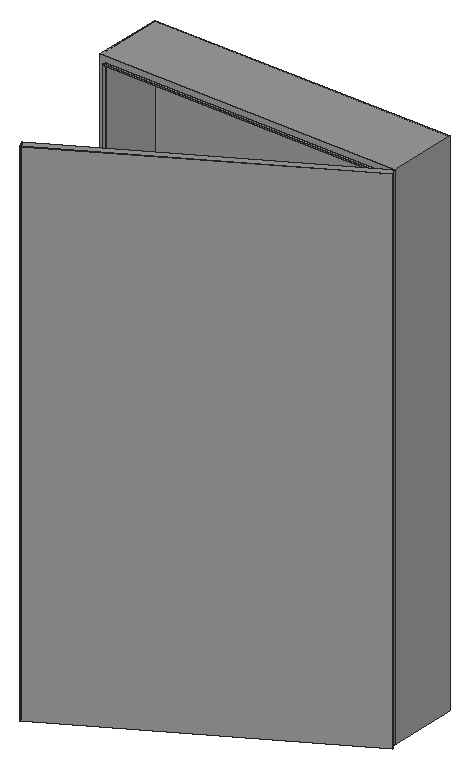
Revit family "Hager-Univers-IP54-D205-H1400-Cl.II-Encl-NoHosted-AT-de", category Equipement électrique, Revit 2020
Family settings
  Configuration du panneau = Deux colonnes, circuits au sein
  Cote de connecteur circulaire = Utiliser le diamètre
  Type d'élément = Tableau de raccordement
  Basée sur le plan de construction = Oui
  Toujours verticalement = Oui
  Couper avec des vides une fois chargée = Non
  Partagée = Non
  Point de calcul de pièce = Non
Parameters (values of type "Aufputz IP54 B800 H1400 T205  - FP93SW2")
  Width Control [instance] = if([EF000008 - Breite] > Min Width, [EF000008 - Breite], Min Width)  # 800 mm
  Commentaires du type = [HG000003 - Bereich]  # "Univers"
  Thickness Door [instance] = if([EF009171 - Materialstärke Tür/Deckel] > 3 mm, 3 mm, [EF009171 - Materialstärke Tür/Deckel])  # 1 mm
  Seal Frame Offset [instance] = 17 mm  # constant formula
  Plinth Visibility [instance] = [HG000027 - Sockelhöhe] > 0 mm  # no
  Min Width [instance] = 100 mm  # constant formula
  Min Depth [instance] = (2 * [EF009170 - Materialstärke Gehäuse]) + 1 mm  # 3 mm
  Min Height [instance] = 100 mm  # constant formula
  Internal Frame Depth [instance] = (Door System Depth * 0.5)  # 9 mm
  Panel Name [instance] = ""  # (empty or 0)
  Model = ""
  HG000027 - Sockelhöhe = 0 mm
  HG000026 - Stehend auf dem Boden = no
  HG000024 - Höhe des unteren Teils = 600 mm
  HG000023 - Gehäuse mit doppeltem Querschnitt = no
  HG000016 - 3D-Türsichtbarkeit [instance] = yes
  HG000015 - Sichtbarkeit der Türöffnung [instance] = no
  HG000014 - Tür rechts [instance] = yes
  HG000013 - Tür links [instance] = not([HG000014 - Tür rechts])  # no
  HG000012 - Türschwenkwinkel [instance] = 30.00°
  HG000010 - Asymmetrische Türen = no
  HG000009 - Doppelflügeligen Tür = no
  HG000006 - Unterputz = no
  HG000004 - Herstellerreferenz = "FP93SW2"
  HG000003 - Bereich = "Univers"
  HG000002 - Mit tür = yes
  Frame Offset Bottom [instance] = 10 mm  # constant formula
  Frame Offset [instance] = 15 mm  # constant formula
  EF015940 - Deckel mit Überdruckentlastung = no
  EF011959 - Schutzart (NEMA) = ""
  EF009554 - Anzahl der Öffnungen für Flanschplatten = 6
  EF009212 - Ausführung Deckel = "EV000116 - geschlossen"
  EF009171 - Materialstärke Tür/Deckel = 1 mm
  EF009170 - Materialstärke Gehäuse = 1 mm
  EF008873 - Nennstrom (In) = 250 A
  EF007800 - Geeignet für Blitzschutz = no
  EF006306 - Mit Schloss = no
  EF006244 - Transparenter Deckel/Tür = no
  EF005474 - Schutzart (IP) = "EV006419 - IP54"
  EF004464 - Art der Tür = "EV002646 - Einzel"
  EF004427 - Anzahl der Module = 324
  EF004293 - Schlagfestigkeit = "EV006815 - IK09"
  EF003532 - Geeignet für Außengebrauch = no
  EF002950 - Breite in Teilungseinheiten = 36
  EF001613 - Funktionserhalt = "EV000494 - ohne"
  EF001596 - Werkstoff des Gehäuses = "EV000179 - Stahl"
  EF001131 - Innentiefe = 130 mm
  EF001088 - Anbaumöglichkeit = yes
  EF000437 - Anzahl der Leitungseinführungen = 6
  EF000339 - Art der Abdeckung = "EV004216 - Tür"
  EF000266 - Anzahl der Reihen = 9
  EF000218 - Einbautiefe = 205 mm
  EF000118 - Mit Montageplatte = no
  EF000116 - RAL-Nummer = "9010"
  EF000049 - Tiefe = 205 mm
  EF000040 - Höhe = 1400 mm
  EF000008 - Breite = 800 mm
  EF000007 - Farbe = "EV000202 - weiß"
  EF000003 - Montageart = "EV000384 - Aufputz"
  Door System Leaf Tolerance [instance] = 1.5 mm  # constant formula
  Door System Depth [instance] = 18 mm  # constant formula
  Door Height [instance] = Height Control - [HG000027 - Sockelhöhe]  # 1400 mm
  Description = ""
  Default Elevation = 1219.2 mm
  Connector Offset [instance] = Height Control / 2  # 700 mm
  Fabricant = "Hager"  # constant formula
  Height Control [instance] = if([EF000040 - Höhe] > Min Height, [EF000040 - Höhe], Min Height)  # 1400 mm
  Depth Control [instance] = if([EF000049 - Tiefe] > Min Depth, [EF000049 - Tiefe], Min Depth)  # 205 mm
  Bottom Top Plate Trim [instance] = 1.5 mm  # constant formula
  Plinth height Ctrl [instance] = if([HG000027 - Sockelhöhe] > 0 mm, [HG000027 - Sockelhöhe], 12 mm)  # 12 mm
Types (5, lengths in mm): name | Width Control | HG000010 - Asymmetrische Türen | HG000009 - Doppelflügeligen Tür | HG000004 - Herstellerreferenz | EF009554 - Anzahl der Öffnungen für Flanschplatten | EF004464 - Art der Tür | EF004427 - Anzahl der Module | EF002950 - Breite in Teilungseinheiten | EF000437 - Anzahl der Leitungseinführungen | EF000008 - Breite
  Aufputz IP54 B1050 H1400 T205  - FP94SW2 | 1050 | no | yes | "FP94SW2" | 8 | "EV003602 - Doppel" | 432 | 48 | 8 | 1050
  Aufputz IP54 B1300 H1400 T205  - FP95SW2 | 1300 | yes | yes | "FP95SW2" | 10 | "EV003602 - Doppel" | 540 | 60 | 10 | 1300
  Aufputz IP54 B300 H1400 T205  - FP91SW2 | 300 | no | no | "FP91SW2" | 2 | "EV002646 - Einzel" | 108 | 12 | 2 | 300
  Aufputz IP54 B550 H1400 T205  - FP92SW2 | 550 | no | no | "FP92SW2" | 4 | "EV002646 - Einzel" | 216 | 24 | 4 | 550
  Aufputz IP54 B800 H1400 T205  - FP93SW2 | 800 | no | no | "FP93SW2" | 6 | "EV002646 - Einzel" | 324 | 36 | 6 | 800
Reference planes
  plane 1 "Center (Front/Back)": y = 0
  plane 2: z = 0
  plane 3 "Center (Left/Right)": x = 0
  plane 4: y = 0
  plane 5: y = 0
  plane 6: z = 0
  plane 7: x = -400
  plane 8: x = 400
  plane 9: x = 399
  plane 10: x = -399
  plane 11: z = 0
  plane 12: z = 1
  plane 13: y = -205
  plane 14: y = -1
  plane 15: x = 0
  plane 16: y = -187
  plane 17: y = -204
  plane 18: y = -186
  plane 19: x = -384
  plane 20: x = 384
  plane 21: z = 11
  plane 22: x = -383
  plane 23: x = 383
  plane 24: z = 0
  plane 25: z = 1400
  plane 26: z = 1400
  plane 27: z = 1384
  plane 28: z = 1399
Forms (mm)
  Extrusion 1, solid, material "Hager_Steel_RAL7035_Light_Grey", detail levels medium+fine
    sketch origin (-208.679, -4572, 0) x (-1, 0, 0) y (0, -1, 0)
      loop
        line (191.321, -4385) -> (-608.679, -4385) -> (-608.679, -4572) -> (191.321, -4572) -> (191.321, -4385)
    from 0 to 1400
  Extrusion 2, void
    sketch origin (-350.771, -205, 1219.2) x (1, 0, 0) y (0, 0, 1)
      loop
        line (-48.229, 179.8) -> (-48.229, -1218.2) -> (749.771, -1218.2) -> (749.771, 179.8) -> (-48.229, 179.8)
    from -19 to -204
  Extrusion 3, void
    sketch origin (-290.084, -187, 1219.2) x (1, 0, 0) y (0, 0, 1)
      loop
        line (-93.916, -1208.2) -> (674.084, -1208.2) -> (674.084, 164.8) -> (-93.916, 164.8) -> (-93.916, -1208.2)
    from 0 to -1
  Extrusion 4, solid, material "Hager_Steel_RAL7035_Light_Grey", visible <- "Plinth Visibility", detail levels medium+fine
    sketch origin (0, 0, 0) x (1, 0, 0) y (0, 1, 0)
      loop
        line (-400, 0) -> (-400, -187) -> (400, -187) -> (400, 0) -> (-400, 0)
    from 0 to 12 <- "Plinth height Ctrl"
  Extrusion 5, solid, material "Hager_Steel_RAL7035_Light_Grey", detail levels coarse
    sketch origin (0, 0, 0) x (1, 0, 0) y (0, 1, 0)
      loop
        line (-400, 0) -> (-400, -205) -> (400, -205) -> (400, 0) -> (-400, 0)
    from 0 to 1400 <- "Height Control"
  Sweep 6, void
    path in 3D
      loop
        line (-400, -187, 12) -> (400, -187, 12) -> (400, 0, 12) -> (-400, 0, 12) -> (-400, -187, 12)
    profile origin (-400, -93.5, 12) x (1, 0, 0) y (0, 0, 1)
      loop
        line (0, 0) -> (0, -1.5) -> (1.5, -1.5)
        arc (1.5, -1.5) -> (1.061, -0.439) -> (0, 0) r 1.5
  Extrusion 7, solid, material "Hager_Steel_RAL7035_Light_Grey", detail levels fine
    sketch origin (-400, -187, 0) x (1, 0, 0) y (0, 0, 1)
      loop
        line (16, 11) -> (784, 11) -> (784, 1384) -> (16, 1384) -> (16, 11)
      loop
        line (15, 10) -> (785, 10) -> (785, 1385) -> (15, 1385) -> (15, 10)
    from 0 to 9 <- "Internal Frame Depth"
Cuts and joins
  Extrusion 2, Extrusion 3 cuts Extrusion 1
  Sweep 6 cuts Extrusion 4
Lines and regions (mm)
  Masking region 1
    outline origin (0, 0, 0) x (1, 0, 0) y (0, 1, 0)
      loop
        line (-400, 0) -> (-400, -205) -> (400, -205) -> (400, 0) -> (-400, 0)
  Masking region 2, detail levels coarse
    outline origin (-290.084, -187, 1219.2) x (-1, 0, 0) y (0, 0, 1)
      loop
        line (-690.084, -1219.2) -> (109.916, -1219.2) -> (109.916, 180.8) -> (-690.084, 180.8) -> (-690.084, -1219.2)
  Masking region 3, detail levels coarse
    outline origin (0, 0, 0) x (0, 1, 0) y (0, 0, 1)
      loop
        line (0, 0) -> (0, 1400) -> (-205, 1400) -> (-205, 0) -> (0, 0)
  Masking region 4, visible <- "Plinth Visibility", detail levels medium+fine
    outline origin (0, 0, 0) x (0, 1, 0) y (0, 0, 1)
      loop
        line (-1.5, 12) -> (-185.5, 12)
        arc (-185.5, 12) -> (-185.939, 10.939) -> (-187, 10.5) r 1.5
        line (-187, 10.5) -> (-187, 0) -> (0, 0) -> (0, 10.5)
        arc (0, 10.5) -> (-1.061, 10.939) -> (-1.5, 12) r 1.5
  Masking region 5, detail levels medium+fine
    outline origin (0, 0, 594.038) x (0, 1, 0) y (0, 0, 1)
      loop
        line (0, -594.038) -> (0, 805.962) -> (-187, 805.962) -> (-187, -594.038) -> (0, -594.038)
  Masking region 6, detail levels medium+fine
    outline origin (-359.7, -187, 1211.883) x (-1, 0, 0) y (0, 0, 1)
      loop
        line (-759.7, -1211.883) -> (40.3, -1211.883) -> (40.3, 188.117) -> (-759.7, 188.117) -> (-759.7, -1211.883)
  Masking region 7, visible <- "Plinth Visibility", detail levels medium+fine
    outline origin (-320.334, -187, 1041.368) x (-1, 0, 0) y (0, 0, 1)
      loop
        line (-720.334, -1041.368) -> (79.666, -1041.368) -> (79.666, -1030.868)
        arc (79.666, -1030.868) -> (78.606, -1030.429) -> (78.166, -1029.368) r 1.5
        line (78.166, -1029.368) -> (-718.834, -1029.368)
        arc (-718.834, -1029.368) -> (-719.273, -1030.429) -> (-720.334, -1030.868) r 1.5
        line (-720.334, -1030.868) -> (-720.334, -1041.368)
  sketch lines
    curve 1: line (-400, 0, 12) -> (-400, -187, 12)
    curve 2: line (-400, -187, 12) -> (400, -187, 12)
    curve 3: line (400, 0, 12) -> (-400, 0, 12)
    curve 4: line (400, -187, 12) -> (400, 0, 12)
Dimensions and locks
  locked: plane 1 "Center (Front/Back)" to plane 5
  "EF009170 - Materialstärke Gehäuse": plane 7 to plane 10
  "EF009170 - Materialstärke Gehäuse": plane 8 to plane 9
  equal spacing: plane 7, plane 3 "Center (Left/Right)", plane 8
  "Width Control": plane 7 to plane 8
  "Depth Control": plane 4 to plane 13
  "EF009170 - Materialstärke Gehäuse": plane 4 to plane 14
  "Height Control": plane 25 to level
  "HG000027 - Sockelhöhe": plane 11 to level
  "EF009170 - Materialstärke Gehäuse": plane 12 to plane 11
  "EF009170 - Materialstärke Gehäuse": plane 17 to plane 13
  "EF009170 - Materialstärke Gehäuse": plane 18 to plane 16
  "Frame Offset Bottom": plane 21 to plane 12
  "Frame Offset": plane 10 to plane 19
  "Frame Offset": plane 9 to plane 20
  "Door System Depth": plane 16 to plane 13
  "Seal Frame Offset": plane 7 to plane 22
  "Seal Frame Offset": plane 8 to plane 23
  "EF009170 - Materialstärke Gehäuse": plane 26 to plane 28
  "Frame Offset": plane 28 to plane 27
  "Connector Offset": plane 2 to connector elem
  "Bottom Top Plate Trim": profile plane to Sweep 6 sketch curve
  "Bottom Top Plate Trim": Sweep 6 sketch curve to Sweep 6 sketch curve
  "Plinth height Ctrl": Masking region 4 sketch curve to level
  "Plinth height Ctrl": Masking region 7 sketch curve to level
  "Thickness Door": Extrusion 7 sketch curve to Extrusion 7 sketch curve  (x4)
  "Bottom Top Plate Trim": radius of Sweep 6 sketch curve
  "Bottom Top Plate Trim": radius of Masking region 4 sketch curve  (x2)
  "Bottom Top Plate Trim": radius of Masking region 7 sketch curve  (x2)
  aligned and locked: Extrusion 2 sketch curve to plane 12
  aligned and locked: Extrusion 2 sketch curve to plane 9
  aligned and locked: Extrusion 2 sketch curve to plane 10
  aligned and locked: Extrusion 2 to plane 14
  aligned and locked: Extrusion 1 sketch curve to plane 4
  aligned and locked: plane 8 to Extrusion 1 sketch curve
  aligned and locked: plane 7 to Extrusion 1 sketch curve
  aligned and locked: Extrusion 2 to plane 18
  aligned and locked: Extrusion 3 sketch curve to plane 19
  aligned and locked: plane 20 to Extrusion 3 sketch curve
  aligned and locked: Extrusion 3 to Extrusion 2
  aligned and locked: Extrusion 3 sketch curve to plane 21
  aligned and locked: plane 3 "Center (Left/Right)" to nested 1
  aligned and locked: Extrusion 1 sketch curve to plane 16
  aligned and locked: Extrusion 4 sketch curve to cut or joined group of Extrusion 1, Extrusion 2, Extrusion 3
  aligned and locked: Masking region 1 sketch curve to plane 7
  aligned and locked: Masking region 1 sketch curve to plane 5
  aligned and locked: Masking region 1 sketch curve to plane 8
  aligned and locked: Masking region 2 sketch curve to level
  aligned and locked: level to Masking region 3 sketch curve
  aligned and locked: plane 1 "Center (Front/Back)" to Masking region 3 sketch curve
  aligned and locked: plane 13 to Masking region 3 sketch curve
  aligned and locked: plane 5 to Masking region 4 sketch curve
  aligned and locked: Masking region 2 sketch curve to plane 8
  aligned and locked: Masking region 2 sketch curve to plane 7
  aligned and locked: plane 7 to nested 2
  aligned and locked: nested 2 to plane 5
  aligned and locked: plane 5 to Masking region 5 sketch curve
  aligned and locked: plane 26 to Masking region 5 sketch curve
  aligned and locked: Extrusion 5 sketch curve to plane 8
  aligned and locked: Extrusion 5 sketch curve to plane 7
  aligned and locked: Extrusion 5 sketch curve to plane 5
  aligned and locked: Extrusion 3 sketch curve to plane 27
  aligned and locked: Extrusion 2 sketch curve to plane 28
  aligned and locked: Masking region 2 to plane 25
  aligned and locked: Extrusion 4 to plane 16
  aligned and locked: profile plane to Sweep 6 sketch curve
  aligned and locked: Masking region 5 sketch curve to plane 24
  aligned and locked: level to Masking region 4 sketch curve
  aligned and locked: Masking region 1 to plane 13
  aligned and locked: nested 1 to plane 16
  aligned and locked: Masking region 3 to plane 25
  aligned and locked: plane 16 to Masking region 4 sketch curve
  aligned and locked: Masking region 5 sketch curve to plane 16
  aligned and locked: plane 24 to plane 11
  aligned and locked: plane 26 to plane 25
  aligned and locked: plane 26 to cut or joined group of Extrusion 1, Extrusion 2, Extrusion 3
  aligned and locked: nested 1 to plane 24
  aligned and locked: Extrusion 1 to Extrusion 3
  aligned and locked: Masking region 6 sketch curve to plane 8
  aligned and locked: Masking region 6 sketch curve to plane 24
  aligned and locked: Masking region 6 sketch curve to plane 7
  aligned and locked: Masking region 6 sketch curve to plane 26
  aligned and locked: Masking region 7 sketch curve to plane 7
  aligned and locked: level to Masking region 7 sketch curve
  aligned and locked: Masking region 7 sketch curve to plane 8
  aligned and locked: Extrusion 7 sketch curve to cut or joined group of Extrusion 1, Extrusion 2, Extrusion 3  (x4)
Automatic sketch dimensions
  plane 19 to Extrusion 3 sketch curve = 0 mm
  Extrusion 3 sketch curve to plane 20 = 0 mm
  Extrusion 3 sketch curve to plane 21 = 0 mm
  Extrusion 4 sketch curve to plane 7 = 0 mm
  Extrusion 4 sketch curve to plane 8 = 0 mm
  Extrusion 4 sketch curve to plane 16 = 0 mm
  Masking region 1 sketch curve to plane 13 = 0 mm
  Masking region 2 sketch curve to plane 25 = 0 mm
  Masking region 3 sketch curve to plane 25 = 0 mm
  Extrusion 5 sketch curve to plane 13 = 0 mm
  profile plane to Sweep 6 sketch curve = 0 mm
Nested families
  nested 1: "EC000058_Univers_Door" at (0, -187, 0), Double <- "HG000009 - Doppelflügeligen Tür", Transparent <- "EF006244 - Transparenter Deckel/Tür", Angle <- "HG000012 - Türschwenkwinkel", Door_Right <- "HG000014 - Tür rechts", Assymetrical <- "HG000010 - Asymmetrische Türen", Door <- "HG000002 - Mit tür", Width_Ctrl <- "Width Control", 3d_Door <- "HG000016 - 3D-Türsichtbarkeit", Clearance <- "HG000015 - Sichtbarkeit der Türöffnung", Door_Left <- "HG000013 - Tür links", Width <- "Width Control", Door_Depth <- "Door System Depth", Leaf_Tolerance <- "Door System Leaf Tolerance", Height <- "Door Height", Lock_Visibility <- "EF006306 - Mit Schloss", Thickness <- "Thickness Door", type "EC000058_Univers_Door", detail levels medium+fine
    with min_wh 3 mm, Width_Ctrl 800 mm, Width 800 mm, Transparent no, Thickness 1 mm, Seal_Material Hager_Rubber, Lock_Visibility no, Lock_Material Hager_Plastic_RAL9005_Jet_Black, Leaf_Width 800 mm, Leaf_Tolerance_External_Sides 0 mm, Leaf_Tolerance 1.5 mm, Leaf_Offset 0 mm, Leaf_Height 1397 mm, Leaf_2_Width 800 mm, Leaf_2_Offset 400 mm, Leaf_1_Width 800 mm, Leaf_1_Offset 400 mm, Height_Ctrl 1400 mm, Height 1400 mm, Glass_Material Hager_Glass, Double_Clearance_Ctrl no, Double no, Door_Right_Ctrl yes, Door_Right yes, Door_Material Hager_Steel_RAL7035_Light_Grey, Door_Left_Ctrl no, Door_Left no, Door_Depth 18 mm, Door yes, Clearance_Material Hager_Clearance, Clearance_Depth 800 mm, Clearance_Ctrl no, Clearance no, Assymetrical no, Angle 30.00°, 3d_Door yes
  nested 2: "Hager_Enclosure_Symbol" at (-400, 0, 0), Height <- "Depth Control", Width <- "Width Control", type "Hager_Enclosure_Symbol"
    with Width_Ctrl 800 mm, Width 800 mm, Height_Ctrl 205 mm, Height 205 mm, A_Width_Int 13.453 mm, A_Width 161.438 mm, A_Height_Ctrl 179.375 mm, A_Height 179.375 mm
Connectors
  electrical at (0, 0, 700)
    settings: on plane 1 "Center (Front/Back)", index 1, voltage 0 V, apparent load 0 VA, apparent load phase1 0 VA, apparent load phase2 0 VA, apparent load phase3 0 VA, power factor 1, load classification "Other", number of poles 1, system type 30, power factor state 1, is connector primary yes, connector utility no, sub classification motor no, connector description ""
Definition of nested family "EC000058_Univers_Door"
  Parameters (values of type "EC000058_Univers_Door")
    min_wh [instance] = (2 * Thickness) + 1 mm  # 11 mm
    Width_Ctrl [instance] = 400 mm
    Width [instance] = 500 mm
    Transparent [instance] = yes
    Thickness [instance] = 5 mm
    Seal_Material [instance] = none
    Lock_Visibility [instance] = yes
    Lock_Material [instance] = none
    Leaf_Width [instance] = if((Width_Ctrl - 2 * Leaf_Tolerance_External_Sides) > 0 mm, (Width_Ctrl - 2 * Leaf_Tolerance_External_Sides), min_wh)  # 400 mm
    Leaf_Tolerance_External_Sides [instance] = 0 mm  # constant formula
    Leaf_Tolerance [instance] = 1.5 mm
    Leaf_Offset [instance] = 0 mm  # constant formula
    Leaf_Height [instance] = if((Height_Ctrl - 2 * Leaf_Tolerance) > 0 mm, (Height_Ctrl - 2 * Leaf_Tolerance), min_wh)  # 497 mm
    Leaf_2_Width [instance] = if(and(and(Double, Assymetrical), Door_Left), (Leaf_Width / 3) - (Leaf_Tolerance / 2), if(and(and(Double, Assymetrical), Door_Right), (Leaf_Width / 3) * 2 - (Leaf_Tolerance / 2), if(and(Double, not(Assymetrical)), (Leaf_Width / 2) - Leaf_Tolerance, Leaf_Width)))  # 400 mm
    Leaf_2_Offset [instance] = if(and(Double, Assymetrical), Leaf_2_Width / 2, if(and(Double, not(Assymetrical)), Leaf_Width / 4, Leaf_Width / 2))  # 200 mm
    Leaf_1_Width [instance] = if(and(and(Double, Assymetrical), Door_Right), (Leaf_Width / 3) - (Leaf_Tolerance / 2), if(and(and(Double, Assymetrical), Door_Left), (Width / 3) * 2 - (Leaf_Tolerance / 2), if(and(Double, not(Assymetrical)), (Leaf_Width / 2) - Leaf_Tolerance, Leaf_Width)))  # 400 mm
    Leaf_1_Offset [instance] = if(and(Double, Assymetrical), Leaf_1_Width / 2, if(and(Double, not(Assymetrical)), Leaf_Width / 4, Leaf_Width / 2))  # 200 mm
    Height_Ctrl [instance] = if(Height > min_wh, Height, min_wh)  # 500 mm
    Height [instance] = 500 mm
    Glass_Material [instance] = none
    Double_Clearance_Ctrl [instance] = and(Double, Clearance)  # no
    Double [instance] = no
    Door_Right_Ctrl [instance] = and(or(Door_Right, Double), Door)  # yes
    Door_Right [instance] = yes
    Door_Material [instance] = none
    Door_Left_Ctrl [instance] = and(or(Door_Left, Double), Door)  # no
    Door_Left [instance] = no
    Door_Depth [instance] = 30 mm
    Door [instance] = yes
    Default Elevation = 1219.2 mm
    Clearance_Material [instance] = none
    Clearance_Depth [instance] = if(Leaf_1_Width > Leaf_2_Width, Leaf_1_Width, Leaf_2_Width)  # 400 mm
    Clearance_Ctrl [instance] = and(not(Double), Clearance)  # yes
    Clearance [instance] = yes
    Assymetrical [instance] = yes
    Angle [instance] = 30.00°
    3d_Door [instance] = yes
  Reference planes
    plane 1 "Center (Front/Back)": y = 0
    plane 2 "Bottom": z = 0
    plane 3 "Center (Left/Right)": x = 0
    plane 4: z = 500
    plane 5: x = -200
    plane 6: x = 200
    plane 7: z = 500
    plane 8: x = -200
    plane 9: z = 0
    plane 10: x = 200
    plane 11: y = 0
    plane 12: z = 1.5
    plane 13: x = -600
    plane 14: y = -400
    plane 15: x = 600
    plane 16: x = 0
    plane 17: x = 0
    plane 18: x = -200
    plane 19: x = 200
    plane 20: z = 498.5
  Forms (mm)
    Extrusion 1, solid, material <- "Clearance_Material", visible <- "Double_Clearance_Ctrl"
      sketch origin (1200, 0, 0) x (1, 0, 0) y (0, 0, -1)
        loop
          line (-1800, -498.5) -> (-600, -498.5) -> (-600, 0) -> (-1800, 0) -> (-1800, -498.5)
      from 0 to -400
  Dimensions and locks
    equal spacing: plane 5, plane 3 "Center (Left/Right)", plane 6
    "Width_Ctrl": plane 5 to plane 6
    "Leaf_Offset": plane 5 to plane 8
    "Leaf_Offset": plane 6 to plane 10
    "Leaf_Offset": plane 9 to level
    "Leaf_Offset": plane 4 to plane 7
    "Height_Ctrl": plane 4 to level
    "Leaf_Tolerance": plane 12 to plane 9
    locked: plane 11 to plane 1 "Center (Front/Back)"
    "Leaf_1_Offset": plane 18 to plane 16
    "Leaf_2_Offset": plane 17 to plane 19
    "Leaf_1_Width": plane 13 to plane 8
    "Leaf_2_Width": plane 10 to plane 15
    "Clearance_Depth": plane 14 to plane 1 "Center (Front/Back)"
    "Leaf_Tolerance_External_Sides": plane 8 to plane 18
    "Leaf_Tolerance_External_Sides": plane 19 to plane 10
    "Leaf_Tolerance": plane 7 to plane 20
    aligned and locked: level to plane 2 "Bottom"
    aligned and locked: nested 1 to plane 16
    aligned and locked: nested 2 to plane 17
    aligned and locked: Extrusion 1 to plane 13
    aligned and locked: plane 15 to Extrusion 1
    aligned and locked: Extrusion 1 to plane 14
    aligned and locked: plane 12 to nested 1
    aligned and locked: nested 2 to plane 12
    aligned and locked: Extrusion 1 to plane 11
    aligned and locked: plane 20 to Extrusion 1
    aligned and locked: nested 2 to plane 11
    aligned and locked: nested 1 to plane 11
  Automatic sketch dimensions
    Extrusion 1 sketch curve to level = 0 mm
    plane 5 to Extrusion 1 sketch curve = 400 mm
    plane 6 to Extrusion 1 sketch curve = 400 mm
    Extrusion 1 sketch curve to plane 4 = 1.5 mm
  Nested families
    nested 1: "EC000058_Univers_Door_Leaf" at (0, 0, 1.5), Width <- "Leaf_1_Width", visible <- "Door_Left_Ctrl", Leaf_Height <- "Leaf_Height", Angle <- "Angle", 3d_Door <- "3d_Door", Transparent <- "Transparent", Clearance Material <- "Clearance_Material", Clearance <- "Clearance_Ctrl", Door_Material <- "Door_Material", Glass_Material <- "Glass_Material", Door_Depth <- "Door_Depth", Lock_Material <- "Lock_Material", Seal_Material <- "Seal_Material", Lock_Visibility <- "Lock_Visibility", Thickness <- "Thickness", type "EC000058_Univers_Door_Leaf"
      with Width 400 mm, Transparent_Glass_Offset 30 mm, Transparent_Ctrl yes, Transparent yes, Thickness 5 mm, Standard no, Seal_Material none, Seal_D2 8 mm, Seal_D1 1 mm, Offset_Internal_Frame 10 mm, Lock_Width 20 mm, Lock_Visibility_3d yes, Lock_Visibility yes, Lock_Thickness_3 3 mm, Lock_Thickness_2 1 mm, Lock_Thickness_1 3 mm, Lock_Radius_Offset_2 16 mm, Lock_Radius_Offset_1 15 mm, Lock_Radius_2 5 mm, Lock_Radius 6 mm, Lock_Offset 5 mm, Lock_Material none, Lock_Height 80 mm, Lock_Cover_Top_Offset_2d 17 mm, Lock_Cover_Height -65 mm, Leaf_Height 497 mm, Internal_Seal_Thickness 8 mm, Internal_Seal_Depth_2 4.5 mm, Internal_Frame_Depth 25 mm, Glass_Thickness -1 mm, Glass_Offset -2 mm, Glass_Material none, Door_Material none, Door_Depth 30 mm, Clearance Material none, Clearance yes, Angle_Ctrl 30.00°, Angle 30.00°, 3d_Door yes
    nested 2: "EC000058_Univers_Door_Leaf" at (0, 0, 1.5) x (-1, 0, 0) z (0, 0, 1), Width <- "Leaf_2_Width", visible <- "Door_Right_Ctrl", Leaf_Height <- "Leaf_Height", Angle <- "Angle", 3d_Door <- "3d_Door", Transparent <- "Transparent", Clearance Material <- "Clearance_Material", Clearance <- "Clearance_Ctrl", Door_Material <- "Door_Material", Glass_Material <- "Glass_Material", Door_Depth <- "Door_Depth", Lock_Material <- "Lock_Material", Seal_Material <- "Seal_Material", Lock_Visibility <- "Lock_Visibility", Thickness <- "Thickness", type "EC000058_Univers_Door_Leaf"
      with Width 400 mm, Transparent_Glass_Offset 30 mm, Transparent_Ctrl yes, Transparent yes, Thickness 5 mm, Standard no, Seal_Material none, Seal_D2 8 mm, Seal_D1 1 mm, Offset_Internal_Frame 10 mm, Lock_Width 20 mm, Lock_Visibility_3d yes, Lock_Visibility yes, Lock_Thickness_3 3 mm, Lock_Thickness_2 1 mm, Lock_Thickness_1 3 mm, Lock_Radius_Offset_2 16 mm, Lock_Radius_Offset_1 15 mm, Lock_Radius_2 5 mm, Lock_Radius 6 mm, Lock_Offset 5 mm, Lock_Material none, Lock_Height 80 mm, Lock_Cover_Top_Offset_2d 17 mm, Lock_Cover_Height -65 mm, Leaf_Height 497 mm, Internal_Seal_Thickness 8 mm, Internal_Seal_Depth_2 4.5 mm, Internal_Frame_Depth 25 mm, Glass_Thickness -1 mm, Glass_Offset -2 mm, Glass_Material none, Door_Material none, Door_Depth 30 mm, Clearance Material none, Clearance yes, Angle_Ctrl 30.00°, Angle 30.00°, 3d_Door yes
  Definition of nested family "EC000058_Univers_Door_Leaf"
    Parameters (values of type "EC000058_Univers_Door_Leaf")
      Width [instance] = 2000 mm
      Transparent_Glass_Offset [instance] = 30 mm
      Transparent_Ctrl [instance] = and(Transparent, [3d_Door])  # yes
      Transparent [instance] = yes
      Thickness [instance] = 5 mm
      Standard [instance] = and(not(Transparent), [3d_Door])  # no
      Seal_Material [instance] = none
      Seal_D2 [instance] = 8 mm  # constant formula
      Seal_D1 [instance] = 1 mm  # constant formula
      Offset_Internal_Frame [instance] = 10 mm  # constant formula
      Lock_Width [instance] = 20 mm  # constant formula
      Lock_Visibility_3d [instance] = and(Lock_Visibility, [3d_Door])  # yes
      Lock_Visibility [instance] = yes
      Lock_Thickness_3 [instance] = 3 mm  # constant formula
      Lock_Thickness_2 [instance] = 1 mm  # constant formula
      Lock_Thickness_1 [instance] = 3 mm  # constant formula
      Lock_Radius_Offset_2 [instance] = Lock_Radius_Offset_1 + 1 mm  # 16 mm
      Lock_Radius_Offset_1 [instance] = 15 mm  # constant formula
      Lock_Radius_2 [instance] = Lock_Radius - 1 mm  # 5 mm
      Lock_Radius [instance] = 6 mm  # constant formula
      Lock_Offset [instance] = 5 mm  # constant formula
      Lock_Material [instance] = none
      Lock_Height [instance] = 80 mm  # constant formula
      Lock_Cover_Top_Offset_2d [instance] = Lock_Radius_Offset_2 + 1 mm  # 17 mm
      Lock_Cover_Height [instance] = -(Lock_Height - Lock_Radius_Offset_1)  # -65 mm
      Leaf_Height [instance] = 2720.336 mm
      Internal_Seal_Thickness [instance] = 8 mm  # constant formula
      Internal_Seal_Depth_2 [instance] = 4.5 mm  # constant formula
      Internal_Frame_Depth [instance] = if(Door_Depth - Thickness > 5 mm, Door_Depth - Thickness, 5 mm)  # 25 mm
      Glass_Thickness [instance] = if(Thickness > 15 mm, Glass_Offset + 10 mm, -1 mm)  # -1 mm
      Glass_Offset [instance] = if(Thickness > 15 mm, -(Thickness + 10 mm) / 2, -2 mm)  # -2 mm
      Glass_Material [instance] = none
      Door_Material [instance] = none
      Door_Depth [instance] = 30 mm
      Default Elevation = 0 mm
      Clearance Material [instance] = none
      Clearance [instance] = yes
      Angle_Ctrl [instance] = if(Angle > 180.00°, 180.00°, Angle)  # 90.00°
      Angle [instance] = 90.00°
      3d_Door [instance] = yes
    Reference planes
      plane 1 "Center (Front/Back)": y = 0
      plane 2: z = 0
      plane 3 "Center (Left/Right)": x = 0
      plane 4: y = 2000
      plane 5: x = -1000
      plane 6: x = 1000
      plane 7: x = -3000
      plane 8: z = 2720.336
      plane 9: z = 30
      plane 10: z = 2690.336
      plane 11: x = 970
      plane 12: x = -970
      plane 13: y = -3
      plane 14: z = 107.833
      plane 15: y = -5
      plane 16: y = -223.314
      plane 17: x = -1000
      plane 18: z = 1360.168
      plane 19: y = 30
    Forms (mm)
      Extrusion 1, solid, material <- "Clearance Material", visible <- "Clearance"
        sketch origin (0, 0, 0) x (1, 0, 0) y (0, 0, 1)
          loop
            line (-3000, 2720.336) -> (-3000, 0) -> (1000, 0) -> (1000, 2720.336) -> (-3000, 2720.336)
        from 0 to -2000
      Extrusion 2, solid, material <- "Door_Material", visible <- "Standard", detail levels medium+fine
        sketch origin (-1000, 0, 0) x (0, 1, 0) y (-1, 0, 0)
          loop
            line (0, 30) -> (0, 25) -> (2000, 25) -> (2000, 30) -> (0, 30)
        from 0 to 2720.336 <- "Leaf_Height"
      Extrusion 3, solid, material <- "Door_Material", visible <- "Transparent_Ctrl", detail levels medium+fine
        sketch origin (-1000, 0, 0) x (0, 1, 0) y (-1, 0, 0)
          loop
            line (0, 25) -> (2000, 25) -> (2000, 30) -> (0, 30) -> (0, 25)
        from 0 to 2720.336 <- "Leaf_Height"
      Extrusion 4, void
        sketch origin (-1025, 2000, 0) x (0, 1, 0) y (0, 0, -1)
          loop
            line (-30, -2690.336) -> (-30, -30) -> (-1970, -30) -> (-1970, -2690.336) -> (-30, -2690.336)
        from 0 to 5 <- "Thickness"
      Sweep 5, solid, material <- "Seal_Material", visible <- "Transparent_Ctrl", detail levels fine
        path in 3D
          loop
            line (-1025, 30, 30) -> (-1025, 30, 2690.336) -> (-1025, 1970, 2690.336) -> (-1025, 1970, 30) -> (-1025, 30, 30)
        profile origin (-1025, 1000, 30) x (1, 0, 0) y (0, 0, 1)
          loop
            line (0, 0) -> (0, -8) -> (1, -8) -> (1, 0) -> (0, 0)
      Extrusion 6, solid, material <- "Glass_Material", visible <- "Transparent_Ctrl", detail levels medium+fine
        sketch origin (-1030, 0, 0) x (0, 1, 0) y (0, 0, -1)
          loop
            line (1970, -2690.336) -> (1970, -30) -> (30, -30) -> (30, -2690.336) -> (1970, -2690.336)
        from -2 <- "Glass_Offset" to -1 <- "Glass_Thickness"
      Extrusion 7, solid, material <- "Door_Material", visible <- "3d_Door", detail levels medium+fine
        sketch origin (-1025, 2000, 0) x (0, -1, 0) y (0, 0, -1)
          loop
            line (0, -2720.336) -> (2000, -2720.336) -> (2000, 0) -> (0, 0) -> (0, -2720.336)
          loop
            line (1995, -5) -> (5, -5) -> (5, -2715.336) -> (1995, -2715.336) -> (1995, -5)
        from 0 to 25 <- "Internal_Frame_Depth"
      Sweep 8, solid, material <- "Seal_Material", visible <- "Transparent_Ctrl", detail levels fine
        path in 3D
          loop
            line (-1025, 0, 0) -> (-1025, 2000, 0) -> (-1025, 2000, 2720.336) -> (-1025, 0, 2720.336) -> (-1025, 0, 0)
        profile origin (-1025, 0, 1360.168) x (1, 0, 0) y (0, 1, 0)
          loop
            line (0, 10) -> (2.975, 10)
            arc (2.975, 10) -> (4.053, 10.447) -> (4.5, 11.525) r 1.525
            line (4.5, 11.525) -> (4.5, 16.527)
            arc (4.5, 16.527) -> (4.069, 17.569) -> (3.027, 18) r 1.473
            line (3.027, 18) -> (0, 18) -> (0, 10)
      Extrusion 9, solid, material <- "Lock_Material", visible <- "Lock_Visibility_3d", detail levels fine
        sketch origin (-1030, 0, 0) x (0, 1, 0) y (0, 0, -1)
          loop
            arc (1993.5, -1400.168) -> (1994.561, -1399.729) -> (1995, -1398.668) r 1.5
            line (1995, -1398.668) -> (1995, -1320.168) -> (1975, -1320.168) -> (1975, -1398.668)
            arc (1975, -1398.668) -> (1975.439, -1399.729) -> (1976.5, -1400.168) r 1.5
            line (1976.5, -1400.168) -> (1993.5, -1400.168)
        from 3 <- "Lock_Thickness_1" to 0
      Blend 10, solid, material <- "Lock_Material", visible <- "Lock_Visibility_3d", detail levels fine
        base sketch origin (-1033, 0, 0) x (0, 1, 0) y (0, 0, -1)
          loop
            line (1975, -1320.168) -> (1975, -1398.668)
            arc (1975, -1398.668) -> (1975.439, -1399.729) -> (1976.5, -1400.168) r 1.5
            line (1976.5, -1400.168) -> (1993.5, -1400.168)
            arc (1993.5, -1400.168) -> (1994.561, -1399.729) -> (1995, -1398.668) r 1.5
            line (1995, -1398.668) -> (1995, -1320.168) -> (1975, -1320.168)
        top sketch origin (-1033, 0, 0) x (0, 1, 0) y (0, 0, -1)
          loop
            line (1976, -1320.168) -> (1976, -1398.668)
            arc (1976, -1398.668) -> (1976.146, -1399.022) -> (1976.5, -1399.168) r 0.5
            line (1976.5, -1399.168) -> (1993.5, -1399.168)
            arc (1993.5, -1399.168) -> (1993.854, -1399.022) -> (1994, -1398.668) r 0.5
            line (1994, -1398.668) -> (1994, -1320.168) -> (1976, -1320.168)
        from 0 to 1 <- "Lock_Thickness_2"
      Blend 11, solid, material <- "Lock_Material", visible <- "Lock_Visibility_3d", detail levels fine
        base sketch origin (-1034, 0, 0) x (0, 1, 0) y (0, 0, -1)
          loop
            line (1978, -1320.168) -> (1978, -1384.168)
            arc (1978, -1384.168) -> (1985, -1391.168) -> (1992, -1384.168) r 7
            line (1992, -1384.168) -> (1992, -1320.168) -> (1978, -1320.168)
        top sketch origin (-1034, 0, 0) x (0, 1, 0) y (0, 0, -1)
          loop
            line (1991, -1320.168) -> (1979, -1320.168) -> (1979, -1383.168)
            arc (1979, -1383.168) -> (1985, -1389.168) -> (1991, -1383.168) r 6
            line (1991, -1383.168) -> (1991, -1320.168)
        from 0 to 3 <- "Lock_Thickness_3"
      Extrusion 12, solid, material <- "Lock_Material", visible <- "Lock_Visibility_3d", detail levels fine
        sketch origin (-1030, 1975, 1320.168) x (1, 0, 0) y (0, -1, 0)
          loop
            line (-7, -19) -> (-7, -1) -> (0, -1) -> (0, 0) -> (-8, 0) -> (-8, -20) -> (0, -20) -> (0, -19) -> (-7, -19)
        from 0 to -65 <- "Lock_Cover_Height"
      Extrusion 13, void
        sketch origin (-1038, 1995, 1320.168) x (-1, 0, 0) y (0, 0, -1)
          loop
            line (-5, -65) -> (0, -65) -> (-5, -60) -> (-5, -65)
        from 0 to 20 <- "Lock_Width"
      Extrusion 14, void
        sketch origin (-1038, 1975, 1320.168) x (0, -1, 0) y (0, 0, -1)
          loop
            circle (-10, -15.995) r 6
          loop
            circle (-10, -15.995) r 5
        from 0 to 2
      Extrusion 15, solid, material <- "Lock_Material", visible <- "Lock_Visibility_3d", detail levels medium
        sketch origin (-1030, 0, 0) x (0, 1, 0) y (0, 0, -1)
          loop
            arc (1993.5, -1400.168) -> (1994.561, -1399.729) -> (1995, -1398.668) r 1.5
            line (1995, -1398.668) -> (1995, -1320.168) -> (1975, -1320.168) -> (1975, -1398.668)
            arc (1975, -1398.668) -> (1975.439, -1399.729) -> (1976.5, -1400.168) r 1.5
            line (1976.5, -1400.168) -> (1993.5, -1400.168)
        from 8 to 0
    Cuts and joins
      Extrusion 4 cuts Extrusion 3
      Extrusion 13, Extrusion 14 cuts Extrusion 9
      Extrusion 14 cuts Blend 11
      Extrusion 13, Extrusion 14 cuts Extrusion 12
      joined: Extrusion 9, Blend 10, Blend 11, Extrusion 12
      Extrusion 14 cuts Extrusion 15
    Lines and regions (mm)
      Masking region 1, visible <- "Lock_Visibility", detail levels fine
        outline origin (0, 0, 0) x (0, 1, 0) y (0, 0, 1)
          loop
            line (30, 1320.168) -> (33, 1320.168) -> (33, 1400.168) -> (30, 1400.168) -> (30, 1320.168)
      Masking region 2, visible <- "Lock_Visibility", detail levels fine
        outline origin (0, 3.143, 0) x (0, 1, 0) y (0, 0, 1)
          loop
            line (29.857, 1354.168) -> (30.857, 1354.168) -> (30.857, 1366.168) -> (29.857, 1366.168) -> (29.857, 1354.168)
      Masking region 3, detail levels medium+fine
        outline origin (0, 0, 0) x (0, 1, 0) y (0, 0, 1)
          loop
            line (0, 0) -> (30, 0) -> (30, 2720.336) -> (0, 2720.336) -> (0, 0)
      Masking region 4, detail levels medium+fine
        outline origin (0, 0, 0) x (1, 0, 0) y (0, 0, 1)
          loop
            line (-1000, 2720.336) -> (-1000, 0) -> (1000, 0) -> (1000, 2720.336) -> (-1000, 2720.336)
      Masking region 5, visible <- "Lock_Visibility", detail levels fine
        outline origin (-47.116, 0, 0) x (1, 0, 0) y (0, 0, 1)
          loop
            arc (1024.616, 1399.168) -> (1023.556, 1398.729) -> (1023.116, 1397.668) r 1.5
            line (1023.116, 1397.668) -> (1023.116, 1320.168) -> (1041.116, 1320.168) -> (1041.116, 1397.668)
            arc (1041.116, 1397.668) -> (1040.677, 1398.729) -> (1039.616, 1399.168) r 1.5
            line (1039.616, 1399.168) -> (1024.616, 1399.168)
      Masking region 6, visible <- "Lock_Visibility", detail levels medium+fine
        outline origin (-25, 0, 0) x (1, 0, 0) y (0, 0, 1)
          loop
            arc (1001.5, 1400.168) -> (1000.439, 1399.729) -> (1000, 1398.668) r 1.5
            line (1000, 1398.668) -> (1000, 1320.168) -> (1020, 1320.168) -> (1020, 1398.668)
            arc (1020, 1398.668) -> (1019.561, 1399.729) -> (1018.5, 1400.168) r 1.5
            line (1018.5, 1400.168) -> (1001.5, 1400.168)
      Masking region 7, visible <- "Lock_Visibility", detail levels fine
        outline origin (-73.735, 0, 0) x (1, 0, 0) y (0, 0, 1)
          loop
            line (1051.735, 1382.168) -> (1065.735, 1382.168) -> (1065.735, 1384.168)
            arc (1065.735, 1384.168) -> (1058.735, 1391.168) -> (1051.735, 1384.168) r 7
            line (1051.735, 1384.168) -> (1051.735, 1382.168)
      Masking region 8, visible <- "Lock_Visibility", detail levels fine
        outline origin (-73.735, 0, 0) x (1, 0, 0) y (0, 0, 1)
          loop
            line (1052.735, 1382.168) -> (1064.735, 1382.168) -> (1064.735, 1383.168)
            arc (1064.735, 1383.168) -> (1058.735, 1389.168) -> (1052.735, 1383.168) r 6
            line (1052.735, 1383.168) -> (1052.735, 1382.168)
      Masking region 9, visible <- "Lock_Visibility", detail levels fine
        outline origin (-25, 0, 0) x (1, 0, 0) y (0, 0, 1)
          loop
            line (1020, 1320.168) -> (1020, 1382.168) -> (1000, 1382.168) -> (1000, 1320.168) -> (1020, 1320.168)
      Masking region 10, detail levels medium+fine
        outline origin (0, 0, 0) x (1, 0, 0) y (0, 0, 1)
          loop
            circle (985, 1335.144) r 6
      Masking region 11, detail levels fine
        outline origin (0, 0, 0) x (1, 0, 0) y (0, 0, 1)
          loop
            circle (985, 1335.144) r 5
      Masking region 12, visible <- "Lock_Visibility", detail levels fine
        outline origin (0, 12.767, 0) x (0, 1, 0) y (0, 0, 1)
          loop
            line (20.233, 1320.168) -> (21.233, 1320.168) -> (21.233, 1399.168) -> (20.233, 1400.168) -> (20.233, 1320.168)
      Masking region 13, visible <- "Lock_Visibility", detail levels fine
        outline origin (0, 13.767, -10) x (0, 1, 0) y (0, 0, 1)
          loop
            line (20.233, 1330.168) -> (23.233, 1330.168) -> (23.233, 1399.168) -> (20.233, 1402.168) -> (20.233, 1330.168)
      Masking region 14, visible <- "Lock_Visibility", detail levels fine
        outline origin (0, 12.767, -10) x (0, 1, 0) y (0, 0, 1)
          loop
            line (20.233, 1330.168) -> (25.233, 1330.168) -> (25.233, 1399.305) -> (20.233, 1394.305) -> (20.233, 1330.168)
      Masking region 15, visible <- "Lock_Visibility", detail levels medium
        outline origin (0, 0, 0) x (0, 1, 0) y (0, 0, 1)
          loop
            line (30, 1320.168) -> (38, 1320.168) -> (38, 1400.168) -> (30, 1400.168) -> (30, 1320.168)
      Masking region 16, visible <- "Lock_Visibility", detail levels fine
        outline origin (-1000, 0, 0) x (0, 1, 0) y (-1, 0, 0)
          loop
            line (1975, 30) -> (1995, 30) -> (1995, 38) -> (1975, 38) -> (1975, 30)
          loop
            line (1979, 37) -> (1976, 37) -> (1976, 34) -> (1978, 34) -> (1979, 37)
          loop
            line (1994, 37) -> (1991, 37) -> (1992, 34) -> (1994, 34) -> (1994, 37)
      Masking region 17, visible <- "Lock_Visibility", detail levels medium
        outline origin (-1000, 0, 0) x (0, 1, 0) y (-1, 0, 0)
          loop
            line (1975, 30) -> (1995, 30) -> (1995, 38) -> (1975, 38) -> (1975, 30)
      symbolic lines
        curve 1: line (1000, 0, 0) -> (-3000, 0, 0)
        curve 2: arc (1000, 0, 0) -> (-1000, 2000, 0) -> (-3000, 0, 0) r 2000
        curve 4: line (-1030, 0, 0) -> (-1030, 2000, 0)
      reference lines
        curve 3: line (-1000, 0, 0) -> (-1000, 2000, 0)
      symbolic lines, detail levels medium+fine
        curve 5: line (-1030, 2000, 0) -> (-1025, 2000, 0)
        curve 7: line (-1025, 0, 0) -> (-1030, 0, 0)
        curve 8: line (-1025, 0, 0) -> (-1000, 0, 0)
        curve 9: line (-1000, 0, 0) -> (-1000, 2000, 0)
        curve 10: line (-1000, 2000, 0) -> (-1025, 2000, 0)
      symbolic lines, detail levels fine
        curve 6: line (-1025, 2000, 0) -> (-1025, 0, 0)
      sketch lines
        curve 11: line (-1025, 0, 2720.336) -> (-1025, 0, 0)
        curve 12: line (-1025, 2000, 0) -> (-1025, 0, 0)
        curve 13: line (-1025, 2000, 2720.336) -> (-1025, 2000, 0)
        curve 14: line (-1025, 0, 2720.336) -> (-1025, 2000, 2720.336)
        curve 15: line (-1025, 1970, 30) -> (-1025, 30, 30)
        curve 16: line (-1025, 30, 30) -> (-1025, 30, 2690.336)
        curve 17: line (-1025, 1970, 2690.336) -> (-1025, 1970, 30)
        curve 18: line (-1025, 30, 2690.336) -> (-1025, 1970, 2690.336)
      symbolic lines, visible <- "Transparent", detail levels medium+fine
        curve 19: line (-970, 0, 2690.336) -> (970, 0, 2690.336)
        curve 20: line (-970, 0, 30) -> (-970, 0, 2690.336)
        curve 21: line (970, 0, 30) -> (-970, 0, 30)
        curve 22: line (970, 0, 2690.336) -> (970, 0, 30)
    Dimensions and locks
      "Width": plane 1 "Center (Front/Back)" to plane 4
      equal spacing: plane 5, plane 3 "Center (Left/Right)", plane 6
      "Width": plane 5 to plane 6
      "Width": plane 7 to plane 5
      "Leaf_Height": plane 8 to level
      "Width": curve 5 to curve 3
      "Width": curve 3 to curve 3
      plane 8 to plane 10 = 30 mm
      plane 9 to level = 30 mm
      plane 12 to plane 5 = 30 mm
      plane 6 to plane 11 = 30 mm
      Extrusion 1 to Extrusion 4 sketch curve = 30 mm
      "Transparent_Glass_Offset": curve 3 to Extrusion 4 sketch curve
      "Transparent_Glass_Offset": Extrusion 4 sketch curve to cut or joined group of Extrusion 3, Extrusion 4  (x2)
      cut or joined group of Extrusion 3, Extrusion 4 to Extrusion 6 sketch curve = 30 mm
      "Transparent_Glass_Offset": cut or joined group of Extrusion 3, Extrusion 4 to Extrusion 4 sketch curve
      "Thickness": curve 6 to curve 4
      "Thickness": Extrusion 7 sketch curve to Extrusion 7 sketch curve  (x4)
      "Door_Depth": curve 4 to curve 3
      "Offset_Internal_Frame": profile plane to Sweep 8 sketch curve
      "Internal_Seal_Thickness": Sweep 8 sketch curve to Sweep 8 sketch curve
      "Internal_Seal_Depth_2": profile plane to Sweep 8 sketch curve
      "Seal_D1": profile plane to Sweep 5 sketch curve
      "Seal_D2": profile plane to Sweep 5 sketch curve
      "Thickness": Extrusion 2 sketch curve to Extrusion 2 sketch curve
      equal spacing: Extrusion 9 sketch curve, plane 18, Extrusion 9 sketch curve  (x2)
      equal spacing: Masking region 1 sketch curve, plane 18, Masking region 1 sketch curve
      "Lock_Height": Masking region 1 sketch curve to Masking region 1 sketch curve
      "Lock_Radius": Masking region 2 sketch curve to plane 18 to Masking region 2 sketch curve
      Masking region 2 sketch curve to Masking region 1 = 1 mm
      "Door_Depth": plane 19 to plane 1 "Center (Front/Back)"
      "Lock_Thickness_1": Masking region 1 sketch curve to plane 19
      "Lock_Width": Extrusion 9 sketch curve to Extrusion 9 sketch curve
      "Lock_Height": Extrusion 9 sketch curve to Extrusion 9 sketch curve
      "Lock_Offset": cut or joined group of Extrusion 3, Extrusion 4 to Extrusion 9 sketch curve
      equal spacing: plane 8, plane 18, level
      "Lock_Radius_Offset_1": Blend 11 sketch curve to Blend 10
      locked: Blend 10 to Blend 11 sketch curve at 2  (x2)
      locked: var sketch to Blend 11 sketch curve at 1  (x2)
      "Lock_Radius_Offset_2": Blend 11 sketch curve to Blend 10
      locked: Extrusion 12 sketch curve to Extrusion 12 sketch curve at 1  (x3)
      Masking region 6 sketch curve to Masking region 6 sketch curve = 80 mm
      "Lock_Height": Masking region 6 sketch curve to Masking region 6 sketch curve
      "Lock_Width": Masking region 6 sketch curve to Masking region 6 sketch curve
      locked: Masking region 6 to Masking region 5 sketch curve at 1  (x3)
      locked: Masking region 5 to Masking region 7 sketch curve at 2  (x2)
      "Lock_Radius_Offset_1": Masking region 5 to Masking region 7 sketch curve
      "Lock_Radius_Offset_2": Masking region 5 to Masking region 8 sketch curve
      locked: Masking region 7 to Masking region 8 sketch curve at 1  (x2)
      "Lock_Cover_Top_Offset_2d": Masking region 5 to Masking region 9 sketch curve
      equal spacing: Masking region 9, Masking region 10 sketch curve, Masking region 9
      equal spacing: Masking region 9, Masking region 11 sketch curve, Masking region 9
      Extrusion 15 sketch curve to Extrusion 15 sketch curve = 80 mm
      "Lock_Width": Extrusion 15 sketch curve to Extrusion 15 sketch curve
      "Lock_Height": Extrusion 15 sketch curve to Extrusion 15 sketch curve
      equal spacing: Extrusion 15 sketch curve, plane 18, Extrusion 15 sketch curve
      "Lock_Thickness_3": Masking region 13 sketch curve to Masking region 13 sketch curve
      "Lock_Height": Masking region 12 sketch curve to Masking region 12 sketch curve
      locked: Masking region 13 sketch curve to Masking region 1 at 8
      locked: Masking region 14 sketch curve to Masking region 13 at 1
      locked: Masking region 14 sketch curve to Masking region 1 at 10.863
      "Lock_Height": Masking region 15 sketch curve to Masking region 15 sketch curve
      "Lock_Offset": Extrusion 15 sketch curve to cut or joined group of Extrusion 3, Extrusion 4
      "Lock_Offset": plane 6 to Masking region 6 sketch curve
      radius of Sweep 8 sketch curve = 1.525 mm
      radius of Sweep 8 sketch curve = 1.473 mm
      radius of Extrusion 9 sketch curve = 1.5 mm  (x2)
      "Lock_Radius": radius of Extrusion 14 sketch curve
      "Lock_Radius_2": radius of Extrusion 14 sketch curve
      "Lock_Radius": radius of Masking region 10 sketch curve
      "Lock_Radius_2": radius of Masking region 11 sketch curve
      radius of Extrusion 15 sketch curve = 1.5 mm  (x2)
      "Angle_Ctrl": angle plane 1 "Center (Front/Back)" to curve 3
      locked: Masking region 12 sketch curve to Masking region 12 sketch curve (angle 45.00°)
      locked: Masking region 13 sketch curve to Masking region 13 sketch curve (angle 45.00°)
      locked: Masking region 14 sketch curve to Masking region 14 sketch curve (angle 45.00°)
      aligned and locked: level to plane 2
      aligned and locked: Extrusion 1 to curve 1
      aligned and locked: plane 6 to Extrusion 1
      aligned and locked: Extrusion 1 to plane 1 "Center (Front/Back)"
      aligned and locked: plane 4 to Extrusion 1
      aligned and locked: plane 8 to Extrusion 1
      aligned and locked: curve 7 to Extrusion 2 sketch curve
      aligned and locked: curve 5 to Extrusion 2 sketch curve
      aligned and locked: curve 7 to Extrusion 3 sketch curve
      aligned and locked: Extrusion 3 sketch curve to curve 4
      aligned and locked: Extrusion 3 sketch curve to curve 6
      aligned and locked: Extrusion 3 sketch curve to curve 5
      aligned and locked: curve 9 to curve 3
      aligned and locked: Extrusion 7 sketch curve to cut or joined group of Extrusion 3, Extrusion 4  (x4)
      aligned and locked: plane 17 to curve 3
      aligned and locked: plane 1 "Center (Front/Back)" to curve 3
      aligned and locked: plane 17 to plane 5
      aligned and locked: Sweep 8 sketch curve to profile plane
      aligned and locked: Sweep 5 sketch curve to profile plane  (x2)
      aligned and locked: Masking region 1 to Masking region 2 sketch curve
      aligned and locked: plane 19 to Masking region 1 sketch curve
      aligned and locked: plane 1 "Center (Front/Back)" to Masking region 3 sketch curve
      aligned and locked: plane 19 to Masking region 3 sketch curve
      aligned and locked: level to Masking region 3 sketch curve
      aligned and locked: Masking region 3 sketch curve to plane 8
      aligned and locked: plane 17 to Masking region 4 sketch curve
      aligned and locked: level to Masking region 4 sketch curve
      aligned and locked: Masking region 4 sketch curve to plane 8
      aligned and locked: plane 12 to curve 20
      aligned and locked: plane 10 to curve 19
      aligned and locked: plane 11 to curve 22
      aligned and locked: curve 21 to plane 9
      aligned and locked: Extrusion 2 sketch curve to cut or joined group of Extrusion 3, Extrusion 4
      aligned and locked: Blend 10 sketch curve to Extrusion 9  (x4)
      aligned and locked: Extrusion 9 to Blend 10 sketch curve
      aligned and locked: Blend 10 to Blend 11 sketch curve
      aligned and locked: Extrusion 12 sketch curve to Blend 11
      aligned and locked: Extrusion 12 sketch curve to Extrusion 9  (x4)
      aligned and locked: Masking region 5 sketch curve to Masking region 6
      aligned and locked: Masking region 9 sketch curve to Masking region 6  (x3)
      aligned and locked: Masking region 12 sketch curve to Masking region 1
      aligned and locked: Masking region 13 sketch curve to Masking region 1
      aligned and locked: Masking region 12 to Masking region 14
      aligned and locked: Masking region 14 sketch curve to Masking region 1
      aligned and locked: Masking region 15 sketch curve to Masking region 14
      aligned and locked: Masking region 13 sketch curve to Masking region 12
      aligned and locked: Masking region 16 sketch curve to cut or joined group of Extrusion 14, Extrusion 15  (x4)
      aligned and locked: Masking region 16 sketch curve to cut or joined group of Extrusion 9, Blend 10, Blend 11, Extrusion 12, Extrusion 13, Extrusion 14  (x6)
      aligned and locked: cut or joined group of Extrusion 9, Blend 10, Blend 11, Extrusion 12, Extrusion 13, Extrusion 14 to Masking region 16 sketch curve
      aligned and locked: Masking region 17 sketch curve to cut or joined group of Extrusion 14, Extrusion 15  (x3)
      aligned and locked: Masking region 17 sketch curve to cut or joined group of Extrusion 9, Blend 10, Blend 11, Extrusion 12, Extrusion 13, Extrusion 14
      aligned and locked: Masking region 9 to Masking region 8 sketch curve
      aligned and locked: Masking region 9 to Masking region 7 sketch curve
    Automatic sketch dimensions
      plane 1 "Center (Front/Back)" to curve 2 = 0 mm
      curve 2 to plane 5 = 0 mm
      Extrusion 1 sketch curve to level = 0 mm
      Extrusion 1 sketch curve to plane 7 = 0 mm
      Extrusion 1 sketch curve to plane 6 = 0 mm
      Extrusion 1 sketch curve to plane 8 = 0 mm
      Extrusion 3 to Extrusion 6 sketch curve = 30 mm  (x4)
      Masking region 4 sketch curve to plane 6 = 0 mm
      Blend 10 sketch curve to Extrusion 9 = 1.5 mm
      Blend 10 sketch curve to Extrusion 9 = 1 mm
      Extrusion 13 sketch curve to Extrusion 12 = 0 mm  (x2)
      Extrusion 12 to Extrusion 13 sketch curve = 3 mm
      Extrusion 13 sketch curve to Extrusion 12 = 5 mm
      Extrusion 14 sketch curve to Extrusion 14 sketch curve = 0 mm  (x2)
      Extrusion 14 sketch curve to Extrusion 12 = 10 mm
      Extrusion 14 sketch curve to Extrusion 12 = 15.995 mm
      Masking region 5 sketch curve to Masking region 5 sketch curve = 1.5 mm  (x2)
      Masking region 10 sketch curve to plane 18 = 25.024 mm
      Masking region 11 sketch curve to plane 18 = 25.024 mm
      plane 19 to Masking region 14 sketch curve = 3 mm
      Masking region 16 sketch curve to Masking region 16 sketch curve = 3 mm
      curve 4 to curve 3 = 0 mm
      Blend 10 to Blend 11 sketch curve = 0 mm
      Masking region 6 sketch curve to Masking region 6 sketch curve = 1.5 mm  (x2)
      Masking region 6 sketch curve to plane 18 = 40 mm
      plane 19 to Masking region 12 sketch curve = 3 mm
      Masking region 12 sketch curve to Masking region 12 sketch curve = 1 mm
      Masking region 15 sketch curve to plane 19 = 0 mm
      Masking region 15 sketch curve to plane 18 = 40 mm
      radius of Blend 10 sketch curve to Extrusion 9 = 1 mm
Definition of nested family "Hager_Enclosure_Symbol"
  Parameters (values of type "Hager_Enclosure_Symbol")
    Width_Ctrl [instance] = if(Width > 1 mm, Width, 1 mm)  # 102.27 mm
    Width [instance] = 102.27 mm
    Height_Ctrl [instance] = if(Height > 1 mm, Height, 1 mm)  # 66.5 mm
    A_Width_Int [instance] = if(A_Width / 12 > 2 mm, A_Width / 12, 2 mm)  # 4.364 mm
    A_Width [instance] = if(A_Height_Ctrl * 0.9 > 2 mm, A_Height_Ctrl * 0.9, 2 mm)  # 52.369 mm
    A_Height_Ctrl [instance] = if(A_Height > 2 mm, A_Height, 2 mm)  # 58.188 mm
    Height [instance] = 66.5 mm
    A_Height [instance] = Height - (Height / 8)  # 58.188 mm
  Reference planes
    plane 1 "Centre (avant/arrière)": y = 0
    plane 2: z = 0
    plane 3 "Centre (gauche/droite)": x = 0
    plane 4: x = 52.369
    plane 5: y = 33.042
    plane 6: y = 41.77
    plane 7: y = 66.5
    plane 8: x = 26.184
    plane 9: y = 37.406
    plane 10: x = 102.27
    plane 11: y = 66.5
    plane 12: y = 8.313
  Lines and regions (mm)
    Filled region 1, type "Solid_Black", in view "Niveau de réf."
      outline origin (0, 0, 0) x (1, 0, 0) y (0, 1, 0)
        loop
          line (52.369, 66.5) -> (33.188, 54.536) -> (45.365, 45.006) -> (52.369, 66.5)
    Filled region 2, type "Solid_Black", in view "Niveau de réf."
      outline origin (0, 0, 0) x (1, 0, 0) y (0, 1, 0)
        loop
          line (0, 0) -> (102.27, 0) -> (102.27, 66.5) -> (0, 0)
    detail lines, in view "Niveau de réf."
      curve 1: line (0, 8.313, 0) -> (26.184, 41.77, 0)
      curve 2: line (26.184, 41.77, 0) -> (26.184, 33.042, 0)
      curve 3: line (26.184, 33.042, 0) -> (52.369, 66.5, 0)
  Dimensions and locks
    "A_Width": plane 3 "Centre (gauche/droite)" to plane 4
    equal spacing: plane 3 "Centre (gauche/droite)", plane 8, plane 4
    equal spacing: plane 6, plane 9, plane 5
    equal spacing: curve 3, Filled region 1 sketch curve, Filled region 1 sketch curve
    "Height_Ctrl": plane 1 "Centre (avant/arrière)" to plane 11
    "A_Height_Ctrl": plane 11 to plane 12
    equal spacing: plane 11, plane 9, plane 12
    "A_Width_Int": plane 6 to plane 9
    "Width_Ctrl": plane 3 "Centre (gauche/droite)" to plane 10
    angle Filled region 1 sketch curve to curve 3 = 20.00°
    angle curve 3 to Filled region 1 sketch curve = 20.00°
    locked: curve 3 to Filled region 1 sketch curve (angle 90.00°)
    aligned and locked: plane 10 to Filled region 2
    aligned and locked: plane 11 to Filled region 2 sketch curve
    aligned and locked: plane 10 to Filled region 2 sketch curve
    aligned and locked: plane 3 "Centre (gauche/droite)" to curve 1
    aligned and locked: plane 12 to curve 1
    aligned and locked: plane 7 to plane 11
  Automatic sketch dimensions
    Filled region 1 sketch curve to plane 4 = 0 mm
    Filled region 1 sketch curve to plane 7 = 0 mm
    plane 1 "Centre (avant/arrière)" to Filled region 2 sketch curve = 0 mm
    Filled region 2 sketch curve to plane 3 "Centre (gauche/droite)" = 0 mm
    curve 2 to plane 6 = 0 mm
    curve 2 to plane 8 = 0 mm
    curve 3 to plane 4 = 0 mm
    curve 2 to plane 5 = 0 mm
    curve 3 to plane 7 = 0 mm
